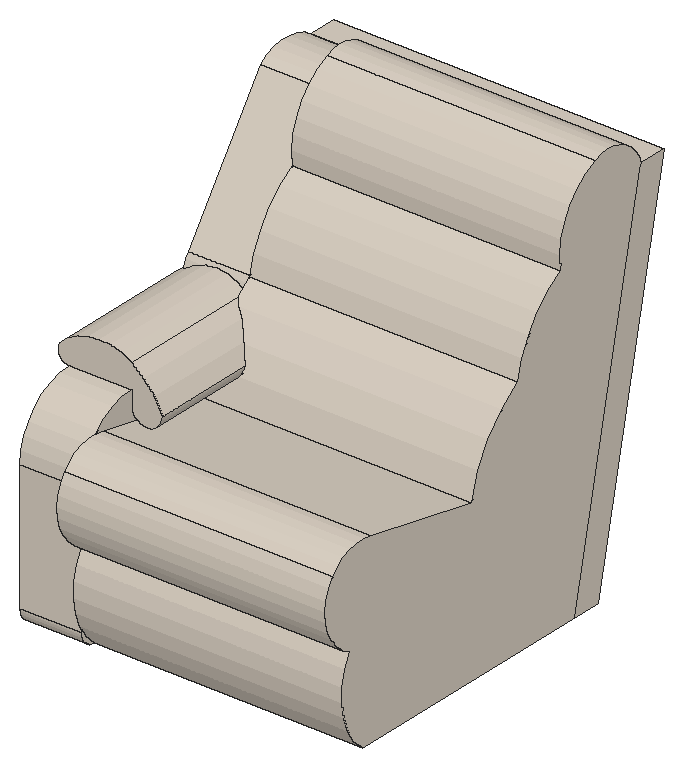
Revit family
Parameters
  Plastic = Plastic
  Fabric = Fabric
Reference planes (in)
  plane 1 "Center F/B": y = 0
  plane 2: z = 0
  plane 3 "Center L/R": x = 0
  plane 4: y = 0
  plane 5: x = 0
  plane 6: y = 6
  plane 7: x = -6
Forms (in)
  Extrusion 1, solid, material "Fabric" <- "Fabric"
    sketch origin (0, 0, 0) x (0, 1, 0) y (0, 0, -1)
      loop
        line (0, -1.5) -> (0, -14)
        arc (0, -14) -> (1.75736, -18.24264) -> (6, -20) r 6
        line (6, -20) -> (24, -20) -> (35.25, -36) -> (38, -36) -> (30, 0) -> (1.5, 0)
        arc (1.5, 0) -> (0.43934, -0.43934) -> (0, -1.5) r 1.5
    from 0 to 6
  Extrusion 2, solid, material "Fabric" <- "Fabric"
    sketch origin (0, 0, 0) x (0, 1, 0) y (0, 0, -1)
      loop
        line (35.25, -36) -> (24, -20) -> (20.18823, -20)
        arc (20.18823, -20) -> (19.78753, -21.83399) -> (20.40887, -23.60543) r 3.44162
        line (20.40887, -23.60543) -> (29.13775, -36)
        arc (29.13775, -36) -> (32.19387, -37.01061) -> (35.25, -36) r 5.12621
    from 0 to 6
  Extrusion 3, solid, material "Fabric" <- "Fabric"
    sketch origin (0, 0, 0) x (0, 1, 0) y (0, 0, -1)
      loop
        line (35.25, -36) -> (27.25, 0) -> (1.5, 0)
        arc (1.5, 0) -> (-0.95864, -4.21523) -> (0, -9) r 6.8736
        arc (0, -9) -> (-2.80552, -12.22669) -> (-2.13619, -16.44978) r 5.05755
        arc (-2.13619, -16.44978) -> (-0.04503, -17.84438) -> (2.46369, -18) r 4.83218
        line (2.46369, -18) -> (14.72369, -15.5)
        arc (14.72369, -15.5) -> (16.71788, -20.07537) -> (20.34869, -23.5) r 12.45119
        arc (20.34869, -23.5) -> (22.11878, -27.75643) -> (25.52528, -30.86226) r 10.62296
        arc (25.52528, -30.86226) -> (26.31581, -35.46534) -> (29.75851, -38.62145) r 7.22005
        arc (29.75851, -38.62145) -> (33.10381, -38.56669) -> (35.25, -36) r 4.02164
    from 0 to -26
  Extrusion 4, solid, material "Fabric" <- "Fabric"
    sketch origin (0, 0, 0) x (0, 1, 0) y (0, 0, -1)
      loop
        line (35.25, -36) -> (38, -36) -> (30, 0) -> (27.25, 0) -> (35.25, -36)
    from 0 to -26
  Extrusion 5, solid, material "Fabric" <- "Fabric"
    sketch origin (0, 6, 45.12412) x (1, 0, 0) y (0, 0, -1)
      loop
        arc (-6, 25.12412) -> (-6.94714, 24.58287) -> (-6.96165, 23.49208) r 1.09934
        arc (-6.96165, 23.49208) -> (-3.61399, 21.85932) -> (0, 22.76038) r 5.44503
        arc (0, 22.76038) -> (1.75879, 24.35241) -> (3, 26.37412) r 8.36622
        arc (3, 26.37412) -> (1.5, 27.87412) -> (0, 26.37412) r 1.5
        line (0, 26.37412) -> (0, 25.12412) -> (-6, 25.12412)
    from 0 to 14.18823
  Extrusion 6, solid, material "Plastic" <- "Plastic"
    sketch origin (-6, -0.04144, 48.05466) x (0, -1, 0) y (0, 0, -1)
      loop
        circle (-6, 32.48752) r 1
      loop
        circle (-6, 32.48752) r 1.375
    from 0 to -0.1875
  Extrusion 7, solid, material "Plastic" <- "Plastic"
    sketch origin (-6, 0, 48) x (0, -1, 0) y (0, 0, -1)
      loop
        line (-5.95856, 31.43286) -> (-5.95856, 33.43286)
        arc (-5.95856, 33.43286) -> (-6.95856, 32.43286) -> (-5.95856, 31.43286) r 1
    from 0 to -0.1875
Cuts and joins
  joined: Extrusion 1, Extrusion 4
